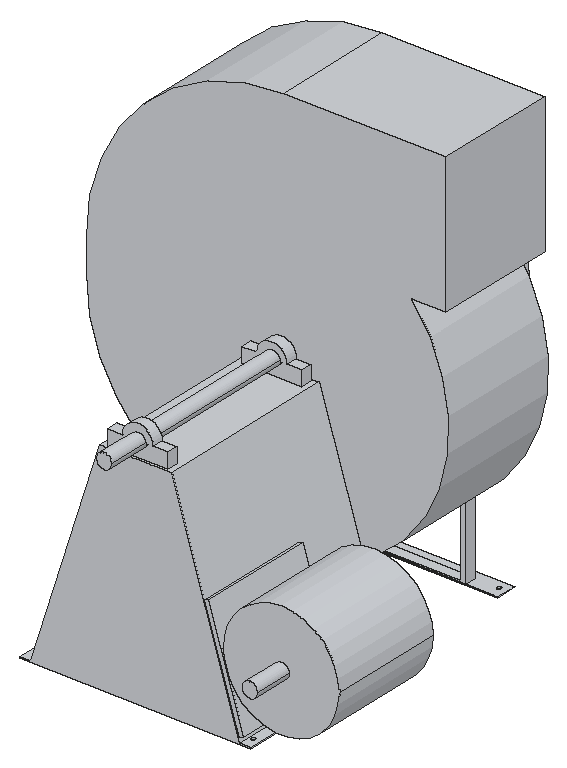
Revit family "IMH_ARR_1,9", category Mechanical Equipment, Revit 2019 (continued)
Types (45): name | Z | Y | X | W | UNIT_SIZE | U | THIRD_CURVE | HALF_T | T3 | T | SECOND_CURVE | S | R3 | R | DimQ | HALF_P | P | NA | N | HALF_M | M3 | M4 | M | L | K | J | H | G | F | HALF_E | E_LESS_2 | E | 2T | 2S | R4 | D3 | D | HALF_C | C | BB | HALF_B | B3 | B | AA | A/5 | A/2 | A+.25 | A | Type Comments | Model | 91_AA | NEG_F | NEG_D | B4 | NA3 | C3 | C4 | B5
  110_MH_ARR_1_9 | 20.8125" | 14.4375" | 15.750" | 8.000" | 110 | 8.8125" | 1.72917" | 0.71875" | 3.875" | 1.4375" | 1.29688" | 6.500" | -12.375" | 16.500" | 8.250" | 0.28125" | 0.5625" | 6.0625" | 16.4375" | 6.500" | 10.925" | 10.925" | 13.000" | 15.0625" | 9.1875" | 4.000" | 35.1875" | 32.875" | 25.000" | 4.84375" | 7.6875" | 9.6875" | 2.875" | 13.000" | -12.375" | -18.625" | 18.750" | 5.500" | 11.000" | 13.0625" | 4.5625" | 9.375" | 9.125" | 13.750" | 2.075" | 5.1875" | 10.625" | 10.375" | "Industrial Material Handler Backward Inclined Radial Blade Belt Driven Single Width Single Inlet Arrangement 1_9" | "MH" | 12.5125" | -25.000" | -18.750" | -4.6875" | 3.03125" | 5.375" | 7.500" | 4.6875"
  130_MH_ARR_1_9 | 24.625" | 17.000" | 18.625" | 8.000" | 130 | 9.8125" | 2.03125" | 0.84375" | 4.375" | 1.6875" | 1.52344" | 7.375" | -12.5625" | 16.750" | 8.375" | 0.34375" | 0.6875" | 7.250" | 19.4375" | 7.6875" | 12.9375" | 12.9375" | 15.375" | 17.8125" | 11.000" | 5.000" | 41.1875" | 34.875" | 26.1875" | 5.875" | 9.750" | 11.750" | 3.375" | 14.750" | -12.5625" | -21.625" | 21.750" | 6.500" | 13.000" | 15.375" | 5.4375" | 11.125" | 10.875" | 16.1875" | 2.4375" | 6.09375" | 12.4375" | 12.1875" | "Industrial Material Handler Backward Inclined Radial Blade Belt Driven Single Width Single Inlet Arrangement 1_9" | "MH" | 14.73063" | -26.1875" | -21.750" | -5.5625" | 3.625" | 6.375" | 8.500" | 5.5625"
  150_MH_ARR_1_9 | 28.375" | 19.750" | 21.500" | 8.000" | 150 | 10.6875" | 2.34375" | 0.96875" | 4.875" | 1.9375" | 1.75781" | 8.21875" | -16.125" | 21.500" | 10.750" | 0.34375" | 0.6875" | 8.3125" | 22.375" | 8.875" | 14.9375" | 14.9375" | 17.750" | 20.625" | 12.250" | 5.000" | 47.625" | 41.3125" | 31.750" | 6.500" | 11.000" | 13.000" | 3.875" | 16.4375" | -16.125" | -25.125" | 25.250" | 7.500" | 15.000" | 18.000" | 6.28125" | 12.8125" | 12.5625" | 18.875" | 2.8125" | 7.03125" | 14.3125" | 14.0625" | "Industrial Material Handler Backward Inclined Radial Blade Belt Driven Single Width Single Inlet Arrangement 1_9" | "MH" | 17.17625" | -31.750" | -25.250" | -6.40625" | 4.15625" | 7.375" | 9.500" | 6.40625"
  170_MH_ARR_1_9 | 32.1875" | 22.500" | 24.5625" | 8.000" | 170 | 11.500" | 2.66667" | 1.09375" | 5.375" | 2.1875" | 2.000" | 9.0625" | -16.125" | 21.500" | 10.750" | 0.34375" | 0.6875" | 9.375" | 25.375" | 10.0625" | 16.925" | 16.925" | 20.125" | 23.750" | 13.125" | 6.000" | 53.625" | 43.000" | 32.5625" | 6.9375" | 11.875" | 13.875" | 4.375" | 18.125" | -16.125" | -28.125" | 28.250" | 8.500" | 17.000" | 20.250" | 7.125" | 14.500" | 14.250" | 21.250" | 3.200" | 8.000" | 16.250" | 16.000" | "Industrial Material Handler Backward Inclined Radial Blade Belt Driven Single Width Single Inlet Arrangement 1_9" | "MH" | 19.3375" | -32.5625" | -28.250" | -7.250" | 4.6875" | 8.375" | 10.500" | 7.250"
  190_MH_ARR_1_9 | 35.8125" | 24.875" | 27.125" | 8.000" | 190 | 12.3125" | 2.96875" | 1.21875" | 5.875" | 2.4375" | 2.22656" | 9.9375" | -17.0625" | 22.750" | 11.375" | 0.34375" | 0.6875" | 10.4375" | 28.250" | 11.21875" | 18.875" | 18.875" | 22.4375" | 25.9375" | 14.5625" | 6.000" | 59.500" | 46.000" | 34.6875" | 7.65625" | 13.3125" | 15.3125" | 4.875" | 19.875" | -17.0625" | -31.125" | 31.250" | 9.500" | 19.000" | 22.625" | 7.9375" | 16.125" | 15.875" | 23.750" | 3.5625" | 8.90625" | 18.0625" | 17.8125" | "Industrial Material Handler Backward Inclined Radial Blade Belt Driven Single Width Single Inlet Arrangement 1_9" | "MH" | 21.6125" | -34.6875" | -31.250" | -8.0625" | 5.21875" | 9.375" | 11.500" | 8.0625"
  210_MH_ARR_1_9 | 38.375" | 27.125" | 29.875" | 8.000" | 210 | 13.1875" | 3.29167" | 1.21875" | 5.875" | 2.4375" | 2.46875" | 10.65625" | -19.125" | 25.500" | 12.750" | 0.34375" | 0.6875" | 11.500" | 31.250" | 11.500" | 19.050" | 19.050" | 23.000" | 28.500" | 15.8125" | 6.000" | 65.750" | 50.375" | 38.250" | 8.28125" | 14.5625" | 16.5625" | 4.875" | 21.3125" | -19.125" | -34.375" | 34.500" | 10.500" | 21.000" | 24.375" | 8.78125" | 17.8125" | 17.5625" | 25.750" | 3.950" | 9.875" | 20.000" | 19.750" | "Industrial Material Handler Backward Inclined Radial Blade Belt Driven Single Width Single Inlet Arrangement 1_9" | "MH" | 23.4325" | -38.250" | -34.500" | -8.90625" | 5.750" | 10.375" | 12.500" | 8.90625"
  230_MH_ARR_1_9 | 42.625" | 29.8125" | 32.8125" | 8.000" | 230 | 15.125" | 3.60417" | 1.34375" | 6.375" | 2.6875" | 2.70312" | 12.3125" | -20.15625" | 26.875" | 13.4375" | 0.40625" | 0.8125" | 12.6875" | 34.3125" | 13.000" | 21.675" | 21.675" | 26.000" | 31.250" | 17.5625" | 7.000" | 71.8125" | 55.250" | 41.125" | 9.40625" | 16.8125" | 18.8125" | 5.375" | 24.625" | -20.15625" | -37.375" | 37.500" | 11.500" | 23.000" | 26.8125" | 9.625" | 19.500" | 19.250" | 28.3125" | 4.325" | 10.8125" | 21.875" | 21.625" | "Industrial Material Handler Backward Inclined Radial Blade Belt Driven Single Width Single Inlet Arrangement 1_9" | "MH" | 25.76438" | -41.125" | -37.500" | -9.750" | 6.34375" | 11.375" | 13.500" | 9.750"
  260_MH_ARR_1_9 | 49.625" | 33.500" | 38.1875" | 8.000" | 260 | 16.375" | 4.07292" | 1.34375" | 6.375" | 2.6875" | 3.05469" | 13.5625" | -20.8125" | 27.750" | 13.875" | 0.40625" | 0.8125" | 16.750" | 41.1875" | 14.500" | 24.1125" | 24.1125" | 29.000" | 35.125" | 19.375" | 7.000" | 82.9375" | 58.6875" | 43.9375" | 10.3125" | 18.625" | 20.625" | 5.375" | 27.125" | -20.8125" | -41.625" | 41.750" | 13.000" | 26.000" | 30.250" | 10.875" | 22.000" | 21.750" | 31.875" | 4.8875" | 12.21875" | 24.6875" | 24.4375" | "Industrial Material Handler Backward Inclined Radial Blade Belt Driven Single Width Single Inlet Arrangement 1_9" | "MH" | 29.00625" | -43.9375" | -41.750" | -11.000" | 8.375" | 12.875" | 15.000" | 11.000"
  290_MH_ARR_1_9 | 54.875" | 37.625" | 42.6875" | 8.000" | 290 | 17.625" | 4.55208" | 1.46875" | 6.875" | 2.9375" | 3.41406" | 14.8125" | -21.5625" | 28.750" | 14.375" | 0.40625" | 0.8125" | 18.5625" | 45.875" | 15.875" | 26.2875" | 26.2875" | 31.750" | 39.500" | 21.250" | 8.000" | 92.500" | 62.1875" | 45.5625" | 11.250" | 20.500" | 22.500" | 5.875" | 29.625" | -21.5625" | -46.375" | 46.500" | 14.500" | 29.000" | 33.875" | 12.125" | 24.500" | 24.250" | 35.750" | 5.4625" | 13.65625" | 27.5625" | 27.3125" | "Industrial Material Handler Backward Inclined Radial Blade Belt Driven Single Width Single Inlet Arrangement 1_9" | "MH" | 32.5325" | -45.5625" | -46.500" | -12.250" | 9.28125" | 14.375" | 16.500" | 12.250"
  70_MH_ARR_1_9 | 13.375" | 9.250" | 10.125" | 6.000" | 70 | 6.1875" | 1.10417" | 0.59375" | 3.375" | 1.1875" | 0.82812" | 4.250" | -11.15625" | 14.875" | 7.4375" | 0.28125" | 0.5625" | 3.9375" | 10.5625" | 4.15625" | 6.9875" | 6.9875" | 8.3125" | 9.6875" | 9.1875" | 4.000" | 24.1875" | 26.250" | 21.0625" | 4.84375" | 7.6875" | 9.6875" | 2.375" | 8.500" | -11.15625" | -14.125" | 14.250" | 3.500" | 7.000" | 8.375" | 2.9375" | 6.125" | 5.875" | 8.8125" | 1.325" | 3.3125" | 6.875" | 6.625" | "Industrial Material Handler Backward Inclined Radial Blade Belt Driven Single Width Single Inlet Arrangement 1_9" | "MH" | 8.01938" | -21.0625" | -14.250" | -3.0625" | 1.96875" | 3.375" | 5.500" | 3.0625"
  90_MH_ARR_1_9 | 17.0625" | 11.750" | 12.9375" | 6.000" | 90 | 7.000" | 1.40625" | 0.71875" | 3.875" | 1.4375" | 1.05469" | 5.0625" | -11.15625" | 14.875" | 7.4375" | 0.28125" | 0.5625" | 5.0625" | 13.500" | 5.3125" | 8.9375" | 8.9375" | 10.625" | 12.3125" | 9.1875" | 4.000" | 28.750" | 27.875" | 21.875" | 4.84375" | 7.6875" | 9.6875" | 2.875" | 10.125" | -11.15625" | -15.125" | 15.250" | 4.500" | 9.000" | 10.625" | 3.750" | 7.750" | 7.500" | 11.1875" | 1.6875" | 4.21875" | 8.6875" | 8.4375" | "Industrial Material Handler Backward Inclined Radial Blade Belt Driven Single Width Single Inlet Arrangement 1_9" | "MH" | 10.18063" | -21.875" | -15.250" | -3.875" | 2.53125" | 4.375" | 6.500" | 3.875"
